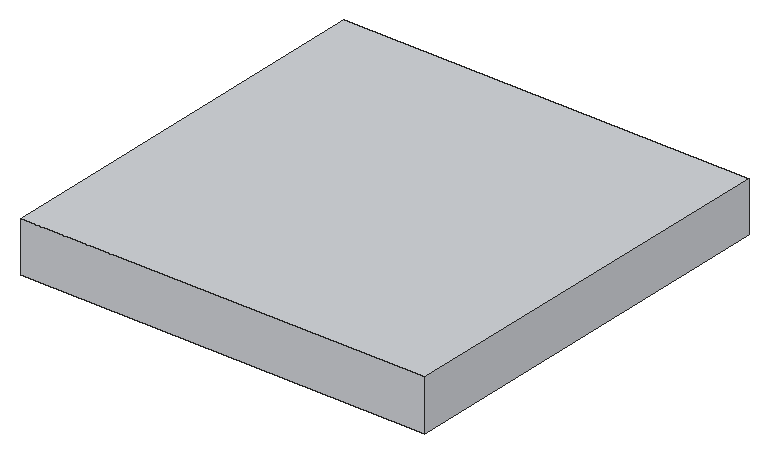
Revit family "CR14", category Aparatos eléctricos, Revit 2017
Family settings
  Anfitrión = Cara
  Mantener orientación de anotación = No
  Cota de conector redondo = Diámetro de uso
  Tipo de pieza = Normal
  Número OmniClass = 23.80.50.11.11
  Título OmniClass = Receptacle Terminal Units
  Corte con vacíos al cargar = No
  Compartido = No
  Punto de cálculo de habitación = No
Parameters (values of type "Módulo /4 - Grafito")
  Voltaje = 250 V
  URL = "http://www.mmconecta.com/"
  Potencia aparente = 3500 W
  Polos = 1
  Normativas = "UNE 20451:1997 / Marcado CE"  # constant formula
  Modelo = "CR14"  # constant formula
  Materia prima = "Policarbonato libre de halógenos"
  Instalación = "Suelo / Techo"  # constant formula
  Descripción = "Caja de conexiones tipo CR - Repartidor de 1 entrada con 4 salidas"  # constant formula
  Código de montaje = "D5020100"
  Composición = "Cubeta, Laterales (4ud), Tapa, Tornillería tapa + montaje en suelo (2x4ud), Conectores CR, Cableado interno en línea 2,5mm"  # constant formula
  Capacidad = "1 entrada - 4 salidas conectores CR"  # constant formula
  CRXX (AltoxLargoxAncho) = "45 x 130 x 190 mm"  # constant formula
  Acabado = "Grafito RAL7021"
  Factor de potencia = 1
  Fabricante = "MMCONECTA"  # constant formula
  Elevación por defecto = 1200 mm
  Compatibilidad = "Gama CR"  # constant formula
  Carga eléctrica = Potencia
Reference planes
  plane 1 "Centro (Frontal/Posterior)": y = 0
  plane 2: z = 0
  plane 3 "Centro (Izquierda/Derecha)": x = 0
Forms (mm)
  Extrusion 1, solid
    sketch origin (0, 0, 0) x (1, 0, 0) y (0, 1, 0)
      loop
        line (-1219.2, 1219.2) -> (-1219.2, -1219.2) -> (1219.2, -1219.2) -> (1219.2, 1219.2) -> (-1219.2, 1219.2)
    from 0 to -304.8
  Extrusion 2, solid, detail levels coarse+medium
    sketch origin (0, 0, 0) x (1, 0, 0) y (0, 1, 0)
      loop
        line (-95, 65) -> (-95, -65) -> (95, -65) -> (95, 65) -> (-95, 65)
    from 0 to 45
Dimensions and locks
  aligned and locked: plane 2 to Extrusion 1
  aligned and locked: level to Extrusion 1
  aligned and locked: plane 3 "Centro (Izquierda/Derecha)" to nested 1
  aligned and locked: plane 1 "Centro (Frontal/Posterior)" to nested 1
  aligned and locked: Extrusion 2 to import instance  (x2)
Nested families
  nested 1: "Simbolo enchufe" at (0, 0, 0), type "4RED+2RJ45", detail levels coarse+medium
Connectors
  electrical at (0, 0, 0), driven by "Polos", driven by "Carga eléctrica", driven by "Voltaje", driven by "Potencia aparente", driven by "Factor de potencia"
    settings: on import instance, index 1, voltage 250 V, apparent load 0 W, apparent load phase1 3500 W, apparent load phase2 0 W, apparent load phase3 0 W, power factor 1, load classification "Potencia", number of poles 1, system type 31, power factor state 1, is connector primary yes, connector utility no, sub classification motor no, connector description ""
Definition of nested family "Simbolo enchufe"
  Parameters (values of type "12CR")
    Anotación de texto de etiqueta = ""
    12CR = yes
  Types (5): name
    12CR
    4RED+2RJ45
    6RED+2RJ45
    6RED+4RJ45
    Anotación de toma de corriente - 220V
  Reference planes
    plane 1: y = 0
    plane 2: x = 0
  Lines and regions (mm)
    detail lines
      curve 1: line (0, 1.25, 0) -> (0, 0, 0)
      curve 2: line (-1.25, 1.25, 0) -> (1.25, 1.25, 0)
      curve 3: arc (-1.25, 2.5, 0) -> (0, 1.25, 0) -> (1.25, 2.5, 0) r 1.25
  Text (mm)
    text "CR14" at (-2.599, 0.205, 0), visible <- "12CR"
